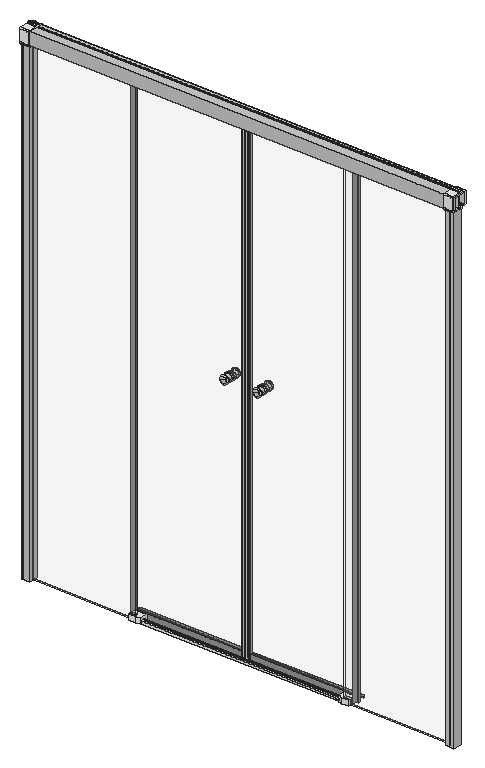
Revit family "Sanitary_Shower-screens_Duscholux_DuschoGravity_Slider-twin-doors-bath", category Plumbing Fixtures, Revit 2016
Family settings
  Part Type = Normal
  Round Connector Dimension = Use Diameter
  OmniClass Number = 23.45.00.00
  OmniClass Title = Sanitary, Laundry, and Cleaning Equipment
  Work Plane-Based = No
  Always vertical = Yes
  Cut with Voids When Loaded = No
  Shared = No
  Room Calculation Point = No
Parameters (values of type "Silver Matt Aluminium Finish")
  Width = 1400 mm
  Uniclass 2015 Description = "Shower Enclosures"
  Uniclass 2015 Code = "PR-40-20-06-79"
  URL = "http://www.duscholux.es/"
  UNSPSC Code = "30181507"
  Thickness Safety Glass Sliding = 5 mm  # constant formula
  Thickness Safety Glass Fixed Panel = 8 mm  # constant formula
  Technical Inspection Certificate (Applus) = "http://www.duscholux.es/resources/custom/var/APPLUS_en.pdf"
  Sliding Door Width = (Min Max Width / 4) + 5.6 mm  # 355.6 mm
  Series = "DuschoGravity"
  Region South America = "Consult"
  Region Oceania = "Consult"
  Region North America = "Consult"
  Region Middle East = "Consult"
  Region Europe = "AD, ES, FR, PT"
  Region Asia = "Consult"
  Region Antartica = "Consult"
  Region Africa = "Consult"
  Ref. = "KAW"
  Products = "http://www.duscholux.es/mamparas_filtro.aspx?es"
  Product group = "Front for bath"
  Product family = "Duscho Gravity"
  Optional = "Towel rail / Shelf"
  Opening System Image = "http://blob.duscholux.es/pluma512/FB2f2pcorredera.gif"
  Opening System = "Sliding"
  Opening Percentage = 0
  Opening Door = ((Min Max Width / 4) - 110 mm) * Opening Percentage / 100  # 0 mm
  Net Weight (Kg) = 44.7
  NBS Reference Description = "Shower Enclosures"
  NBS Reference Code = "45-35-70"
  Model = ""
  Min Max Width = if(Width < 1160 mm, 1160 mm, if(Width > 2000 mm, 2000 mm, Width))  # 1400 mm
  Max Height = if(Height > 1600 mm, 1600 mm, Height)  # 1600 mm
  Manufacturer name = "Duscholux Ibérica, S.A."
  Manufacturer country = "Spain / Germany"
  Maintenance and Cleaning = "http://www.duscholux.es/mamparas_limpieza.aspx?en"
  Image = "http://www.duscholux.es/resources/custom/img/mamparas/DUSCHO%20GRAVITY/modelos/2F2PFBC/mampara_h.jpg"
  IFC Classification = "Furnishing Element"
  Height = 1600 mm
  Handle Material = Chrome_Finish
  Handle Height = (Max Height / 2) + Bath Height  # 1440 mm
  Glass in Building UNE EN 12150 = "CE Conformity marking"
  Glass Material = Glass_Material-Duscholux
  Frame Material = Silver Matt Aluminium Finish
  Fact sheet = "http://blob.duscholux.es/enpdf2018/Gravity2F2PFB.pdf"
  Manufacturer = "Duscholux Ibérica, S.A."
  Environmental Management ISO 14001 = "ECOEMBES Certificate"
  Edition number = "1"
  Design country = "Germany"
  Description = "2 fixed segments + slider twin doors for bath"
  Date of publishing = ""
  Assembly Code = "C1030200"
  Configuration enclosure = "http://configuratumampara.duscholux.es/eCatalogo.aspx"
  Components = "Eropean components"
  Type Comments = ""
  Combinations = "Lateral 90°"
  Certified Quality UNE EN 14428 = "http://www.duscholux.es/duscholux_downloads.aspx?es"
  COBIe Type Category = ""
  Brand = "Duscholux"
  Bath Height = 640 mm
  Anti-Lime Treatment = "FeelNet 3D Included"
  Accesories Material = Chrome_Finish
Types (4, lengths in mm): name | Max Height | Height | Handle Material | Handle Height | Frame Material | Bath Height | Accesories Material
  (no name) | 1600 | 1600 | Chrome_Finish | 1440 | Silver Matt Aluminium Finish | 640 | Chrome_Finish
  Platinum Aluminium Finish | 1600 | 1600 | Chrome_Finish | 1200 | Platinum Aluminium Finish | 400 | Chrome_Finish
  White Aluminium Finish | 1400 | 1400 | White Finish | 1150 | White Finish | 450 | White Aluminium Finish
  Silver Matt Aluminium Finish | 1600 | 1600 | Chrome_Finish | 1440 | Silver Matt Aluminium Finish | 640 | Chrome_Finish
Reference planes
  plane 1 "Centro (Frontal/Posterior)": y = 0
  plane 2: z = 0
  plane 3 "Centro (Izquierda/Derecha)": x = 0
  plane 4: y = 4
  plane 5: y = -4
  plane 6: z = 2199.85
  plane 7: z = 2240
  plane 8: x = 350
  plane 9: x = 9
  plane 10: z = 2225
  plane 11: y = 23.487
  plane 12: z = 1440
  plane 13: x = 364
  plane 14: x = 336
  plane 15: x = 700
  plane 16: x = 1400
  plane 17: x = 1050
  plane 18: x = 1064
  plane 19: x = 1036
  plane 20: y = 23.487
  plane 21: x = 708.4
  plane 22: x = 691.6
  plane 23: x = 489
  plane 24: z = 640
  plane 25: z = 643.2
  plane 26: z = 641.9
Forms (mm)
  Extrusion 1, solid, material "Silver Matt Aluminium Finish" <- "Frame Material"
    sketch origin (0, 0, 0) x (1, 0, 0) y (0, 1, 0)
      loop
        line (0, -10.5) -> (26.5, -10.5) -> (26.5, -4.3) -> (15.85, -4.3) -> (15.85, -9) -> (1.5, -9) -> (1.5, 0) -> (1.5, 13.2) -> (15.85, 13.2) -> (15.85, 4.3) -> (26.5, 4.3) -> (26.5, 14.7) -> (0, 14.7) -> (0, -10.5)
    from 640 to 2199.85
  Extrusion 2, solid, material "Silver Matt Aluminium Finish" <- "Frame Material"
    sketch origin (0, 0, 0) x (0, 1, 0) y (0, 0, 1)
      loop
        arc (33.069, 2237) -> (32.191, 2239.121) -> (30.069, 2240) r 3
        line (30.069, 2240) -> (21.519, 2240) -> (21.519, 2237.261) -> (12.519, 2237.261) -> (12.519, 2240) -> (-16, 2240) -> (-16, 2199.85) -> (-6.5, 2199.85) -> (-6.5, 2234) -> (0, 2234) -> (6.5, 2234) -> (6.5, 2199.85) -> (18.5, 2199.85) -> (18.5, 2203.85) -> (9.5, 2203.85) -> (9.5, 2235.261) -> (23.519, 2235.261) -> (23.519, 2238.011) -> (31.069, 2238.011) -> (31.069, 2201.861) -> (29.669, 2201.861) -> (29.669, 2199.861) -> (33.069, 2199.861) -> (33.069, 2237)
      loop
        line (-13, 2231.05) -> (-13, 2203.879) -> (-9.5, 2203.879) -> (-9.5, 2231.05) -> (-13, 2231.05)
    from 0 to 1400
  Extrusion 3, solid, material "Glass_Material-Duscholux" <- "Glass Material"
    sketch origin (0, 0, 0) x (1, 0, 0) y (0, 1, 0)
      loop
        line (9, 4) -> (9, -4) -> (364, -4) -> (364, 4) -> (9, 4)
    from 641.9 to 2225
  Extrusion 4, solid, material "Chrome_Finish" <- "Accesories Material"
    sketch origin (-44.392, 49.436, 0) x (1, 0, 0) y (0, 1, 0)
      loop
        line (388.392, -57.436) -> (410.392, -57.436) -> (423.392, -53.436) -> (423.392, -18.436) -> (388.392, -18.436) -> (388.392, -57.436)
    from 640 to 658
  Extrusion 5, void
    sketch origin (0, 0, 0) x (1, 0, 0) y (0, 1, 0)
      loop
        line (344, 4) -> (344, -4) -> (364, -4) -> (364, 4) -> (344, 4)
    from 641.9 to 658
  Extrusion 6, void
    sketch origin (0, 0, 0) x (1, 0, 0) y (0, 1, 0)
      loop
        line (344, 27.487) -> (344, 19.487) -> (379, 19.487) -> (379, 27.487) -> (344, 27.487)
    from 641.9 to 658
  Extrusion 7, solid, material "Glass_Material-Duscholux" <- "Glass Material"
    sketch origin (41.512, 0, 0) x (1, 0, 0) y (0, 1, 0)
      loop
        line (650.088, 25.987) -> (294.488, 25.987) -> (294.488, 20.987) -> (650.088, 20.987) -> (650.088, 25.987)
    from 643.2 to 2225
  Extrusion 8, solid, material "Chrome_Finish" <- "Accesories Material"
    sketch origin (0, 0, 0) x (0, 1, 0) y (0, 0, 1)
      loop
        line (12.519, 2245.435) -> (12.519, 2242.011) -> (-15, 2242.011)
        arc (-15, 2242.011) -> (-17.121, 2241.132) -> (-18, 2239.011) r 3
        line (-18, 2239.011) -> (-18, 2200.85)
        arc (-18, 2200.85) -> (-16.86, 2198.466) -> (-14.288, 2197.857) r 3.062
        line (-14.288, 2197.857) -> (-14.288, 2193.858) -> (-10.5, 2193.858) -> (-10.5, 2199.85) -> (-16, 2199.85) -> (-16, 2240) -> (30.069, 2240)
        arc (30.069, 2240) -> (32.191, 2239.121) -> (33.069, 2237) r 3
        line (33.069, 2237) -> (33.069, 2199.85) -> (14.7, 2199.85) -> (14.7, 2193.858) -> (18.488, 2193.858) -> (18.488, 2197.85) -> (32.069, 2197.85)
        arc (32.069, 2197.85) -> (34.191, 2198.729) -> (35.069, 2200.85) r 3
        line (35.069, 2200.85) -> (35.069, 2237.011)
        arc (35.069, 2237.011) -> (33.605, 2240.546) -> (30.069, 2242.011) r 5
        line (30.069, 2242.011) -> (21.49, 2242.011)
        arc (21.49, 2242.011) -> (20.786, 2244.401) -> (18.52, 2245.435) r 3
        line (18.52, 2245.435) -> (12.519, 2245.435)
    from 0 to 28
  Extrusion 9, solid, material "Chrome_Finish" <- "Accesories Material"
    sketch origin (0, -88.4, 450) x (0, 1, 0) y (0, 0, 1)
      loop
        line (86, 190) -> (96, 190) -> (96, 197.55)
        arc (96, 197.55) -> (95.282, 199.282) -> (93.55, 200) r 2.45
        line (93.55, 200) -> (91, 200) -> (88.45, 200)
        arc (88.45, 200) -> (86.718, 199.282) -> (86, 197.55) r 2.45
        line (86, 197.55) -> (86, 190)
    from 379 to 1021
  Extrusion 10, solid, material "Plástico, transparente", detail levels fine
    sketch origin (-2.798, 0, 0) x (1, 0, 0) y (0, 1, 0)
      loop
        line (343.798, 26.237) -> (343.798, 27.487) -> (337.498, 27.487) -> (337.498, 19.487) -> (342.798, 19.487) -> (342.798, 5.757) -> (343.798, 5.757) -> (343.798, 20.757) -> (338.798, 20.757) -> (338.798, 26.237) -> (343.798, 26.237)
    from 641.9 to 2225
  Extrusion 11, solid, not visible
    sketch origin (62.199, -0.034, 0) x (1, 0, 0) y (0, 1, 0)
      loop
        line (752.972, 27.547) -> (749, 27.019)
        arc (749, 27.019) -> (748.57, 26.458) -> (749.132, 26.028) r 0.5
        line (749.132, 26.028) -> (753.6, 26.622) -> (753.6, 23.522) -> (753.6, 20.422) -> (749.132, 21.016)
        arc (749.132, 21.016) -> (748.57, 20.586) -> (749, 20.025) r 0.5
        line (749, 20.025) -> (752.972, 19.497)
        arc (752.972, 19.497) -> (756.439, 17.322) -> (760.531, 17.291) r 7.498
        arc (760.531, 17.291) -> (761.591, 18.007) -> (762, 19.219) r 2
        line (762, 19.219) -> (762, 23.522) -> (762, 27.825)
        arc (762, 27.825) -> (761.591, 29.037) -> (760.531, 29.753) r 2
        arc (760.531, 29.753) -> (756.439, 29.722) -> (752.972, 27.547) r 7.498
    from 0 to 1876.165
  Extrusion 12, solid, material "Silver Matt Aluminium Finish" <- "Frame Material"
    sketch origin (2800, 0, 0) x (-1, 0, 0) y (0, -1, 0)
      loop
        line (1400, 10.5) -> (1400, -14.7) -> (1426.5, -14.7) -> (1426.5, -4.3) -> (1415.85, -4.3) -> (1415.85, -13.2) -> (1401.5, -13.2) -> (1401.5, 0) -> (1401.5, 9) -> (1415.85, 9) -> (1415.85, 4.3) -> (1426.5, 4.3) -> (1426.5, 10.5) -> (1400, 10.5)
    from 640 to 2193.858
  Extrusion 13, solid, material "Chrome_Finish" <- "Accesories Material"
    sketch origin (2000, 0, 0) x (0, 1, 0) y (0, 0, -1)
      loop
        line (12.519, -2245.435) -> (18.52, -2245.435)
        arc (18.52, -2245.435) -> (20.786, -2244.401) -> (21.49, -2242.011) r 3
        line (21.49, -2242.011) -> (30.069, -2242.011)
        arc (30.069, -2242.011) -> (33.605, -2240.546) -> (35.069, -2237.011) r 5
        line (35.069, -2237.011) -> (35.069, -2200.85)
        arc (35.069, -2200.85) -> (34.191, -2198.729) -> (32.069, -2197.85) r 3
        line (32.069, -2197.85) -> (18.488, -2197.85) -> (18.488, -2193.858) -> (14.7, -2193.858) -> (14.7, -2199.85) -> (33.069, -2199.85) -> (33.069, -2237)
        arc (33.069, -2237) -> (32.191, -2239.121) -> (30.069, -2240) r 3
        line (30.069, -2240) -> (-16, -2240) -> (-16, -2199.85) -> (-10.5, -2199.85) -> (-10.5, -2193.858) -> (-14.288, -2193.858) -> (-14.288, -2197.857)
        arc (-14.288, -2197.857) -> (-16.86, -2198.466) -> (-18, -2200.85) r 3.062
        line (-18, -2200.85) -> (-18, -2239.011)
        arc (-18, -2239.011) -> (-17.121, -2241.132) -> (-15, -2242.011) r 3
        line (-15, -2242.011) -> (12.519, -2242.011) -> (12.519, -2245.435)
    from 600 to 628
  Extrusion 14, solid, material "Glass_Material-Duscholux" <- "Glass Material"
    sketch origin (2800, 0, 0) x (-1, 0, 0) y (0, -1, 0)
      loop
        line (1409, -4) -> (1764, -4) -> (1764, 4) -> (1409, 4) -> (1409, -4)
    from 641.9 to 2225
  Extrusion 15, solid, material "Chrome_Finish" <- "Accesories Material"
    sketch origin (2844.392, 49.436, 0) x (-1, 0, 0) y (0, -1, 0)
      loop
        line (1788.392, 57.436) -> (1788.392, 18.436) -> (1823.392, 18.436) -> (1823.392, 53.436) -> (1810.392, 57.436) -> (1788.392, 57.436)
    from 640 to 658
  Extrusion 16, void
    sketch origin (2800, 0, 0) x (-1, 0, 0) y (0, -1, 0)
      loop
        line (1744, -4) -> (1764, -4) -> (1764, 4) -> (1744, 4) -> (1744, -4)
    from 641.9 to 658
  Extrusion 17, void
    sketch origin (2800, 0, 0) x (-1, 0, 0) y (0, -1, 0)
      loop
        line (1744, -27.487) -> (1779, -27.487) -> (1779, -19.487) -> (1744, -19.487) -> (1744, -27.487)
    from 641.9 to 658
  Extrusion 18, solid, material "Plástico, transparente", detail levels fine
    sketch origin (2802.798, 0, 0) x (-1, 0, 0) y (0, -1, 0)
      loop
        line (1743.798, -26.237) -> (1738.798, -26.237) -> (1738.798, -20.757) -> (1743.798, -20.757) -> (1743.798, -5.757) -> (1742.798, -5.757) -> (1742.798, -19.487) -> (1737.498, -19.487) -> (1737.498, -27.487) -> (1743.798, -27.487) -> (1743.798, -26.237)
    from 641.9 to 2225
  Extrusion 19, solid, material "Glass_Material-Duscholux" <- "Glass Material"
    sketch origin (2717.039, 0, 0) x (-1, 0, 0) y (0, -1, 0)
      loop
        line (2008.639, -25.987) -> (2008.639, -20.987) -> (1653.039, -20.987) -> (1653.039, -25.987) -> (2008.639, -25.987)
    from 643.2 to 2225
  Extrusion 20, solid, not visible
    sketch origin (-972.436, 0, 0) x (1, 0, 0) y (0, 1, 0)
      loop
        arc (1881.464, 27.512) -> (1877.997, 29.688) -> (1873.905, 29.719) r 7.498
        arc (1873.905, 29.719) -> (1872.845, 29.002) -> (1872.436, 27.79) r 2
        line (1872.436, 27.79) -> (1872.436, 23.487) -> (1872.436, 19.184)
        arc (1872.436, 19.184) -> (1872.845, 17.972) -> (1873.905, 17.256) r 2
        arc (1873.905, 17.256) -> (1877.997, 17.287) -> (1881.464, 19.462) r 7.498
        line (1881.464, 19.462) -> (1885.436, 19.99)
        arc (1885.436, 19.99) -> (1885.866, 20.552) -> (1885.304, 20.981) r 0.5
        line (1885.304, 20.981) -> (1880.836, 20.388) -> (1880.836, 23.487) -> (1880.836, 26.587) -> (1885.304, 25.993)
        arc (1885.304, 25.993) -> (1885.866, 26.423) -> (1885.436, 26.985) r 0.5
        line (1885.436, 26.985) -> (1881.464, 27.512)
    from 0 to 1985
  Extrusion 21, solid, not visible
    sketch origin (13.1, 0, -200) x (1, 0, 0) y (0, 1, 0)
      loop
        arc (767.428, 27.512) -> (763.961, 29.688) -> (759.869, 29.719) r 7.498
        arc (759.869, 29.719) -> (758.809, 29.002) -> (758.4, 27.79) r 2
        line (758.4, 27.79) -> (758.4, 19.184)
        arc (758.4, 19.184) -> (758.809, 17.972) -> (759.869, 17.256) r 2
        arc (759.869, 17.256) -> (763.961, 17.287) -> (767.428, 19.462) r 7.498
        line (767.428, 19.462) -> (771.4, 19.99)
        arc (771.4, 19.99) -> (771.83, 20.552) -> (771.268, 20.981) r 0.5
        line (771.268, 20.981) -> (766.8, 20.388) -> (766.8, 23.487) -> (766.8, 26.587) -> (771.268, 25.993)
        arc (771.268, 25.993) -> (771.83, 26.423) -> (771.4, 26.985) r 0.5
        line (771.4, 26.985) -> (767.428, 27.512)
    from 0 to 1785
  Extrusion 22, solid, material "Silver Matt Aluminium Finish" <- "Frame Material", not visible
    sketch origin (1965, 0.035, 0) x (-1, 0, 0) y (0, -1, 0)
      loop
        line (1224.028, -27.478) -> (1228, -26.95)
        arc (1228, -26.95) -> (1228.43, -26.388) -> (1227.868, -25.959) r 0.5
        line (1227.868, -25.959) -> (1223.4, -26.552) -> (1223.4, -23.453) -> (1223.4, -20.353) -> (1227.868, -20.947)
        arc (1227.868, -20.947) -> (1228.43, -20.517) -> (1228, -19.956) r 0.5
        line (1228, -19.956) -> (1224.028, -19.428)
        arc (1224.028, -19.428) -> (1220.561, -17.253) -> (1216.469, -17.222) r 7.498
        arc (1216.469, -17.222) -> (1215.409, -17.938) -> (1215, -19.15) r 2
        line (1215, -19.15) -> (1215, -23.452) -> (1215, -27.756)
        arc (1215, -27.756) -> (1215.409, -28.968) -> (1216.469, -29.684) r 2
        arc (1216.469, -29.684) -> (1220.561, -29.653) -> (1224.028, -27.478) r 7.498
    from 0 to 1985
  Extrusion 23, solid, material "Silver Matt Aluminium Finish" <- "Frame Material"
    sketch origin (1500, 0, 0) x (0, 1, 0) y (0, 0, -1)
      loop
        line (33.069, -2237) -> (33.069, -2199.861) -> (29.669, -2199.861) -> (29.669, -2201.861) -> (31.069, -2201.861) -> (31.069, -2238.011) -> (23.519, -2238.011) -> (23.519, -2235.261) -> (9.5, -2235.261) -> (9.5, -2203.85) -> (18.5, -2203.85) -> (18.5, -2199.85) -> (6.5, -2199.85) -> (6.5, -2234) -> (0, -2234) -> (-6.5, -2234) -> (-6.5, -2199.85) -> (-16, -2199.85) -> (-16, -2240) -> (12.519, -2240) -> (12.519, -2237.261) -> (21.519, -2237.261) -> (21.519, -2240) -> (30.069, -2240)
        arc (30.069, -2240) -> (32.191, -2239.121) -> (33.069, -2237) r 3
      loop
        line (-13, -2231.05) -> (-9.5, -2231.05) -> (-9.5, -2203.879) -> (-13, -2203.879) -> (-13, -2231.05)
    from 100 to 1500
  Extrusion 24, solid, not visible
    sketch origin (-21.455, 62.453, 0) x (1, 0, 0) y (0, 1, 0)
      loop
        arc (780.483, -34.94) -> (777.016, -32.765) -> (772.924, -32.734) r 7.498
        arc (772.924, -32.734) -> (771.864, -33.45) -> (771.455, -34.662) r 2
        line (771.455, -34.662) -> (771.455, -38.966) -> (771.455, -43.268)
        arc (771.455, -43.268) -> (771.864, -44.48) -> (772.924, -45.197) r 2
        arc (772.924, -45.197) -> (777.016, -45.166) -> (780.483, -42.99) r 7.498
        line (780.483, -42.99) -> (784.455, -42.463)
        arc (784.455, -42.463) -> (784.885, -41.901) -> (784.323, -41.471) r 0.5
        line (784.323, -41.471) -> (779.855, -42.065) -> (779.855, -38.965) -> (779.855, -35.866) -> (784.323, -36.459)
        arc (784.323, -36.459) -> (784.885, -36.03) -> (784.455, -35.468) r 0.5
        line (784.455, -35.468) -> (780.483, -34.94)
    from 0 to 1785
  Extrusion 25, solid, not visible
    sketch origin (-58.088, 62.453, 0) x (1, 0, 0) y (0, 1, 0)
      loop
        line (749.177, -34.94) -> (745.205, -35.468)
        arc (745.205, -35.468) -> (744.775, -36.03) -> (745.337, -36.459) r 0.5
        line (745.337, -36.459) -> (749.805, -35.866) -> (749.805, -38.965) -> (749.805, -42.065) -> (745.337, -41.471)
        arc (745.337, -41.471) -> (744.775, -41.901) -> (745.205, -42.463) r 0.5
        line (745.205, -42.463) -> (749.177, -42.99)
        arc (749.177, -42.99) -> (752.644, -45.166) -> (756.736, -45.197) r 7.498
        arc (756.736, -45.197) -> (757.796, -44.48) -> (758.205, -43.268) r 2
        line (758.205, -43.268) -> (758.205, -38.966) -> (758.205, -34.662)
        arc (758.205, -34.662) -> (757.796, -33.45) -> (756.736, -32.734) r 2
        arc (756.736, -32.734) -> (752.644, -32.765) -> (749.177, -34.94) r 7.498
    from 0 to 1785
  Extrusion 26, solid, material "Silver Matt Aluminium Finish" <- "Frame Material"
    sketch origin (1548.077, 62.453, 0) x (-1, 0, 0) y (0, -1, 0)
      loop
        arc (839.049, 34.94) -> (842.515, 32.765) -> (846.608, 32.734) r 7.498
        arc (846.608, 32.734) -> (847.668, 33.45) -> (848.077, 34.662) r 2
        line (848.077, 34.662) -> (848.077, 38.966) -> (848.077, 43.268)
        arc (848.077, 43.268) -> (847.668, 44.48) -> (846.608, 45.197) r 2
        arc (846.608, 45.197) -> (842.515, 45.166) -> (839.049, 42.99) r 7.498
        line (839.049, 42.99) -> (835.077, 42.463)
        arc (835.077, 42.463) -> (834.647, 41.901) -> (835.208, 41.471) r 0.5
        line (835.208, 41.471) -> (839.677, 42.065) -> (839.677, 38.965) -> (839.677, 35.866) -> (835.208, 36.459)
        arc (835.208, 36.459) -> (834.647, 36.03) -> (835.077, 35.468) r 0.5
        line (835.077, 35.468) -> (839.049, 34.94)
    from 643.2 to 2225
  Extrusion 27, solid, not visible
    sketch origin (1538.336, 62.453, 0) x (-1, 0, 0) y (0, -1, 0)
      loop
        arc (764.308, 34.94) -> (767.775, 32.765) -> (771.867, 32.734) r 7.498
        arc (771.867, 32.734) -> (772.927, 33.45) -> (773.336, 34.662) r 2
        line (773.336, 34.662) -> (773.336, 38.966) -> (773.336, 43.268)
        arc (773.336, 43.268) -> (772.927, 44.48) -> (771.867, 45.197) r 2
        arc (771.867, 45.197) -> (767.775, 45.166) -> (764.308, 42.99) r 7.498
        line (764.308, 42.99) -> (760.336, 42.463)
        arc (760.336, 42.463) -> (759.906, 41.901) -> (760.468, 41.471) r 0.5
        line (760.468, 41.471) -> (764.936, 42.065) -> (764.936, 38.965) -> (764.936, 35.866) -> (760.468, 36.459)
        arc (760.468, 36.459) -> (759.906, 36.03) -> (760.336, 35.468) r 0.5
        line (760.336, 35.468) -> (764.308, 34.94)
    from 3.238 to 1785
  Extrusion 28, solid, material "Silver Matt Aluminium Finish" <- "Frame Material"
    sketch origin (-28.077, 62.453, 0) x (1, 0, 0) y (0, 1, 0)
      loop
        line (719.049, -34.94) -> (715.077, -35.468)
        arc (715.077, -35.468) -> (714.647, -36.03) -> (715.208, -36.459) r 0.5
        line (715.208, -36.459) -> (719.677, -35.866) -> (719.677, -38.965) -> (719.677, -42.065) -> (715.208, -41.471)
        arc (715.208, -41.471) -> (714.647, -41.901) -> (715.077, -42.463) r 0.5
        line (715.077, -42.463) -> (719.049, -42.99)
        arc (719.049, -42.99) -> (722.515, -45.166) -> (726.608, -45.197) r 7.498
        arc (726.608, -45.197) -> (727.668, -44.48) -> (728.077, -43.268) r 2
        line (728.077, -43.268) -> (728.077, -38.966) -> (728.077, -34.662)
        arc (728.077, -34.662) -> (727.668, -33.45) -> (726.608, -32.734) r 2
        arc (726.608, -32.734) -> (722.515, -32.765) -> (719.049, -34.94) r 7.498
    from 643.2 to 2225
  Extrusion 29, solid, not visible
    sketch origin (-28.077, 62.453, 0) x (1, 0, 0) y (0, 1, 0)
      loop
        line (732.049, -34.94) -> (728.077, -35.468)
        arc (728.077, -35.468) -> (727.647, -36.03) -> (728.208, -36.459) r 0.5
        line (728.208, -36.459) -> (732.677, -35.866) -> (732.677, -38.965) -> (732.677, -42.065) -> (728.208, -41.471)
        arc (728.208, -41.471) -> (727.647, -41.901) -> (728.077, -42.463) r 0.5
        line (728.077, -42.463) -> (732.049, -42.99)
        arc (732.049, -42.99) -> (735.515, -45.166) -> (739.608, -45.197) r 7.498
        arc (739.608, -45.197) -> (740.668, -44.48) -> (741.077, -43.268) r 2
        line (741.077, -43.268) -> (741.077, -38.966) -> (741.077, -34.662)
        arc (741.077, -34.662) -> (740.668, -33.45) -> (739.608, -32.734) r 2
        arc (739.608, -32.734) -> (735.515, -32.765) -> (732.049, -34.94) r 7.498
    from 3.238 to 1785
  Extrusion 30, solid, material "Plástico, transparente", detail levels fine
    sketch origin (0, -119.306, 0) x (0, 1, 0) y (0, 0, 1)
      loop
        line (140.043, 643.2) -> (140.043, 660.1) -> (138.943, 660.1) -> (138.943, 641.9) -> (146.643, 641.9) -> (146.643, 657.219) -> (167.293, 647.078) -> (167.293, 642.513)
        arc (167.293, 642.513) -> (168.043, 642.177) -> (168.793, 642.513) r 1.005
        line (168.793, 642.513) -> (168.793, 648.078) -> (146.025, 659.979)
        arc (146.025, 659.979) -> (145.472, 659.92) -> (145.317, 659.386) r 0.5
        line (145.317, 659.386) -> (145.543, 658.099) -> (145.543, 643.2) -> (140.043, 643.2)
    from 713.609 to 1059
  Extrusion 31, void
    sketch origin (0, 0, 0) x (0, 1, 0) y (0, 0, 1)
      loop
        line (31, 658) -> (27.487, 658) -> (27.487, 657.134) -> (31, 655.421) -> (31, 658)
    from 1021 to 1056
  Extrusion 32, solid, material "Plástico, transparente", detail levels fine
    sketch origin (0, -119.306, 0) x (0, 1, 0) y (0, 0, 1)
      loop
        line (140.043, 643.2) -> (140.043, 660.1) -> (138.943, 660.1) -> (138.943, 641.9) -> (146.643, 641.9) -> (146.643, 657.219) -> (167.293, 647.078) -> (167.293, 642.513)
        arc (167.293, 642.513) -> (168.043, 642.177) -> (168.793, 642.513) r 1.005
        line (168.793, 642.513) -> (168.793, 648.078) -> (146.025, 659.979)
        arc (146.025, 659.979) -> (145.472, 659.92) -> (145.317, 659.386) r 0.5
        line (145.317, 659.386) -> (145.543, 657.76) -> (145.543, 643.2) -> (140.043, 643.2)
    from 341 to 686.414
  Extrusion 33, void
    sketch origin (0, 0, 0) x (0, 1, 0) y (0, 0, 1)
      loop
        line (31, 658) -> (27.487, 658) -> (27.487, 657.146) -> (31, 655.421) -> (31, 658)
    from 344 to 379
Cuts and joins
  Extrusion 5, Extrusion 16 cuts Extrusion 3
  Extrusion 5, Extrusion 6, Extrusion 16, Extrusion 17, Extrusion 33 cuts Extrusion 4
  Extrusion 16, Extrusion 17, Extrusion 31 cuts Extrusion 15
  Extrusion 17 cuts Extrusion 7
Dimensions and locks
  equal spacing: plane 4, plane 1 "Centro (Frontal/Posterior)", plane 5
  "Thickness Safety Glass Fixed Panel": plane 4 to plane 5
  locked: plane 7 to plane 6 at 40.15
  locked: plane 7 to plane 10 at 15
  locked: Extrusion 8 to plane 3 "Centro (Izquierda/Derecha)" at 28
  "Handle Height": plane 12 to level
  locked: plane 8 to plane 13 at 14
  locked: plane 8 to cut or joined group of Extrusion 4, Extrusion 5, Extrusion 6, Extrusion 16, Extrusion 17, Extrusion 33 at 29
  locked: cut or joined group of Extrusion 4, Extrusion 5, Extrusion 6, Extrusion 16, Extrusion 17, Extrusion 33 to plane 8 at 6
  locked: Extrusion 10 to Extrusion 10 at 1.3
  locked: Extrusion 10 to Extrusion 10 at 1
  locked: Extrusion 10 to Extrusion 10 at 6.3
  equal spacing: plane 3 "Centro (Izquierda/Derecha)", plane 8, plane 15, plane 17, plane 16
  locked: Extrusion 18 to Extrusion 18 at 1.3
  locked: Extrusion 18 to Extrusion 18 at 1
  locked: Extrusion 18 to Extrusion 18 at 6.3
  locked: cut or joined group of Extrusion 15, Extrusion 16, Extrusion 17, Extrusion 31 to plane 17 at 29
  locked: plane 17 to cut or joined group of Extrusion 15, Extrusion 16, Extrusion 17, Extrusion 31 at 6
  locked: plane 14 to plane 8 at 14
  locked: plane 17 to plane 18 at 14
  locked: plane 19 to plane 17 at 14
  "Sliding Door Width": Extrusion 19 to Extrusion 19
  "Sliding Door Width": cut or joined group of Extrusion 7, Extrusion 17 to cut or joined group of Extrusion 7, Extrusion 17
  locked: Extrusion 13 to Extrusion 13 at 28
  locked: Extrusion 13 to plane 16 at 28
  locked: plane 15 to plane 21 at 8.4
  locked: plane 22 to plane 15 at 8.4
  "Opening Door": cut or joined group of Extrusion 7, Extrusion 17 to plane 22
  locked: nested 2 to cut or joined group of Extrusion 7, Extrusion 17 at 45
  locked: Extrusion 19 to nested 4 at 45
  "Opening Door": plane 21 to Extrusion 19
  "Thickness Safety Glass Sliding": Extrusion 19 to Extrusion 19
  "Thickness Safety Glass Sliding": cut or joined group of Extrusion 7, Extrusion 17 to cut or joined group of Extrusion 7, Extrusion 17
  "Min Max Width": plane 3 "Centro (Izquierda/Derecha)" to plane 16
  "Bath Height": plane 24 to plane 2
  locked: plane 25 to plane 24 at 3.2
  locked: cut or joined group of Extrusion 15, Extrusion 16, Extrusion 17, Extrusion 31 to plane 24 at 18
  locked: plane 26 to plane 24 at 1.9
  locked: cut or joined group of Extrusion 4, Extrusion 5, Extrusion 6, Extrusion 16, Extrusion 17, Extrusion 33 to plane 24 at 18
  "Max Height": plane 7 to plane 24
  locked: Extrusion 26 to Extrusion 30 at 5.209
  locked: Extrusion 32 to Extrusion 28 at 5.186
  aligned and locked: level to plane 2
  aligned and locked: plane 7 to Extrusion 2
  aligned and locked: Extrusion 2 to plane 6
  aligned and locked: Extrusion 1 to Extrusion 2
  aligned and locked: Extrusion 3 sketch curve to plane 4
  aligned and locked: plane 9 to Extrusion 3 sketch curve
  aligned and locked: plane 5 to Extrusion 3 sketch curve
  aligned and locked: plane 10 to Extrusion 3
  aligned and locked: Extrusion 5 sketch curve to Extrusion 4
  aligned and locked: Extrusion 5 sketch curve to Extrusion 3
  aligned and locked: cut or joined group of Extrusion 4, Extrusion 5, Extrusion 6, Extrusion 16, Extrusion 17, Extrusion 33 to Extrusion 5
  aligned and locked: Extrusion 6 sketch curve to cut or joined group of Extrusion 4, Extrusion 5, Extrusion 6, Extrusion 16, Extrusion 17, Extrusion 33  (x2)
  aligned and locked: Extrusion 6 to cut or joined group of Extrusion 3, Extrusion 5, Extrusion 16
  aligned and locked: Extrusion 9 to cut or joined group of Extrusion 4, Extrusion 5, Extrusion 6, Extrusion 16, Extrusion 17, Extrusion 33
  aligned and locked: nested 1 to plane 12
  aligned and locked: plane 12 to nested 2
  aligned and locked: plane 13 to cut or joined group of Extrusion 3, Extrusion 5, Extrusion 16
  aligned and locked: nested 1 to nested 2
  aligned and locked: Extrusion 10 to Extrusion 10
  aligned and locked: Extrusion 10 to Extrusion 7  (x2)
  aligned and locked: plane 10 to Extrusion 7
  aligned and locked: Extrusion 15 to Extrusion 16 sketch curve
  aligned and locked: Extrusion 18 to Extrusion 18
  aligned and locked: nested 3 to nested 4
  aligned and locked: Extrusion 9 to cut or joined group of Extrusion 15, Extrusion 16, Extrusion 17, Extrusion 31
  aligned and locked: Extrusion 2 to plane 16
  aligned and locked: Extrusion 18 to Extrusion 19  (x2)
  aligned and locked: Extrusion 13 to plane 16
  aligned and locked: plane 10 to Extrusion 14
  aligned and locked: Extrusion 12 to Extrusion 13
  aligned and locked: plane 10 to Extrusion 19
  aligned and locked: plane 12 to nested 3
  aligned and locked: nested 4 to plane 12
  aligned and locked: Extrusion 26 to Extrusion 19  (x3)
  aligned and locked: Extrusion 28 to cut or joined group of Extrusion 7, Extrusion 17
  aligned and locked: cut or joined group of Extrusion 7, Extrusion 17 to Extrusion 28  (x2)
  aligned and locked: Extrusion 23 to plane 16
  aligned and locked: Extrusion 1 to plane 24
  aligned and locked: Extrusion 12 to plane 24
  aligned and locked: Extrusion 19 to plane 25
  aligned and locked: cut or joined group of Extrusion 7, Extrusion 17 to plane 25
  aligned and locked: Extrusion 15 to plane 24
  aligned and locked: Extrusion 17 to cut or joined group of Extrusion 15, Extrusion 16, Extrusion 17, Extrusion 31
  aligned and locked: Extrusion 16 to cut or joined group of Extrusion 15, Extrusion 16, Extrusion 17, Extrusion 31
  aligned and locked: Extrusion 4 to plane 24
  aligned and locked: cut or joined group of Extrusion 3, Extrusion 5, Extrusion 16 to plane 26
  aligned and locked: Extrusion 16 to plane 26
  aligned and locked: Extrusion 17 to Extrusion 16
  aligned and locked: Extrusion 14 to plane 26
  aligned and locked: cut or joined group of Extrusion 3, Extrusion 5, Extrusion 16 to Extrusion 6
  aligned and locked: Extrusion 3 to Extrusion 5
  aligned and locked: Extrusion 9 to plane 24
  aligned and locked: Extrusion 18 to Extrusion 30
  aligned and locked: Extrusion 31 to cut or joined group of Extrusion 15, Extrusion 16, Extrusion 17, Extrusion 31
  aligned and locked: cut or joined group of Extrusion 15, Extrusion 16, Extrusion 17, Extrusion 31 to Extrusion 31
  aligned and locked: Extrusion 32 to plane 26
  aligned and locked: plane 25 to Extrusion 32
  aligned and locked: Extrusion 32 to Extrusion 10
  aligned and locked: Extrusion 10 to Extrusion 32
  aligned and locked: Extrusion 33 to cut or joined group of Extrusion 4, Extrusion 5, Extrusion 6, Extrusion 16, Extrusion 17, Extrusion 33
  aligned and locked: cut or joined group of Extrusion 4, Extrusion 5, Extrusion 6, Extrusion 16, Extrusion 17, Extrusion 33 to Extrusion 33
  aligned and locked: Extrusion 30 to Extrusion 18
  aligned and locked: Extrusion 18 to plane 26
Automatic sketch dimensions
  Extrusion 11 sketch curve to Extrusion 11 sketch curve = 0 mm  (x2)
  Extrusion 11 sketch curve to Extrusion 11 sketch curve = 0.066 mm  (x4)
  Extrusion 11 sketch curve to Extrusion 11 sketch curve = 3.972 mm  (x2)
  Extrusion 11 sketch curve to Extrusion 11 sketch curve = 0.628 mm
  Extrusion 11 sketch curve to Extrusion 11 sketch curve = 4.94 mm
  Extrusion 11 sketch curve to Extrusion 11 sketch curve = 1.46 mm  (x2)
  Extrusion 11 sketch curve to Extrusion 11 sketch curve = 3.46 mm
  Extrusion 11 sketch curve to Extrusion 11 sketch curve = 0.496 mm  (x2)
  Extrusion 11 sketch curve to Extrusion 11 sketch curve = 0.925 mm  (x2)
  Extrusion 11 sketch curve to Extrusion 11 sketch curve = 3.305 mm  (x2)
  Extrusion 11 sketch curve to Extrusion 11 sketch curve = 3.1 mm  (x2)
  Extrusion 11 sketch curve to Extrusion 11 sketch curve = 3.027 mm
  Extrusion 11 sketch curve to Extrusion 11 sketch curve = 0.528 mm
  Extrusion 11 sketch curve to Extrusion 11 sketch curve = 0.997 mm
  Extrusion 11 sketch curve to Extrusion 11 sketch curve = 1.995 mm
  Extrusion 11 sketch curve to Extrusion 11 sketch curve = 1.519 mm
  Extrusion 20 sketch curve to Extrusion 20 sketch curve = 0 mm
  Extrusion 20 sketch curve to Extrusion 20 sketch curve = 4.94 mm
  Extrusion 20 sketch curve to Extrusion 20 sketch curve = 0.628 mm  (x2)
  Extrusion 20 sketch curve to Extrusion 20 sketch curve = 3.841 mm  (x2)
  Extrusion 20 sketch curve to Extrusion 20 sketch curve = 0.066 mm  (x4)
  Extrusion 20 sketch curve to Extrusion 20 sketch curve = 3.305 mm
  Extrusion 20 sketch curve to Extrusion 20 sketch curve = 0.925 mm  (x2)
  Extrusion 20 sketch curve to Extrusion 20 sketch curve = 2 mm  (x2)
  Extrusion 20 sketch curve to Extrusion 20 sketch curve = 3.46 mm
  Extrusion 20 sketch curve to Extrusion 20 sketch curve = 3.027 mm
  Extrusion 20 sketch curve to Extrusion 20 sketch curve = 0.528 mm
  Extrusion 20 sketch curve to Extrusion 20 sketch curve = 0.496 mm  (x2)
  Extrusion 20 sketch curve to Extrusion 20 sketch curve = 0.997 mm
  Extrusion 20 sketch curve to Extrusion 20 sketch curve = 3.1 mm  (x2)
  Extrusion 20 sketch curve to Extrusion 20 sketch curve = 1.995 mm
  Extrusion 20 sketch curve to Extrusion 20 sketch curve = 5.012 mm
  Extrusion 20 sketch curve to Extrusion 20 sketch curve = 4.303 mm
  Extrusion 21 sketch curve to Extrusion 21 sketch curve = 2 mm  (x2)
  Extrusion 21 sketch curve to Extrusion 21 sketch curve = 0 mm
  Extrusion 21 sketch curve to Extrusion 21 sketch curve = 4.94 mm
  Extrusion 21 sketch curve to Extrusion 21 sketch curve = 0.628 mm  (x2)
  Extrusion 21 sketch curve to Extrusion 21 sketch curve = 3.841 mm  (x2)
  Extrusion 21 sketch curve to Extrusion 21 sketch curve = 0.066 mm  (x4)
  Extrusion 21 sketch curve to Extrusion 21 sketch curve = 3.305 mm  (x2)
  Extrusion 21 sketch curve to Extrusion 21 sketch curve = 0.925 mm  (x2)
  Extrusion 21 sketch curve to Extrusion 21 sketch curve = 1.46 mm
  Extrusion 21 sketch curve to Extrusion 21 sketch curve = 3.027 mm
  Extrusion 21 sketch curve to Extrusion 21 sketch curve = 0.528 mm
  Extrusion 21 sketch curve to Extrusion 21 sketch curve = 0.496 mm  (x2)
  Extrusion 21 sketch curve to Extrusion 21 sketch curve = 3.1 mm  (x2)
  Extrusion 21 sketch curve to Extrusion 21 sketch curve = 1.995 mm
  Extrusion 21 sketch curve to Extrusion 21 sketch curve = 5.012 mm
  Extrusion 22 sketch curve to Extrusion 22 sketch curve = 0 mm  (x2)
  Extrusion 22 sketch curve to Extrusion 22 sketch curve = 0.066 mm  (x4)
  Extrusion 22 sketch curve to Extrusion 22 sketch curve = 3.972 mm  (x2)
  Extrusion 22 sketch curve to Extrusion 22 sketch curve = 0.628 mm
  Extrusion 22 sketch curve to Extrusion 22 sketch curve = 0.278 mm
  Extrusion 22 sketch curve to Extrusion 22 sketch curve = 0.528 mm
  Extrusion 22 sketch curve to Extrusion 22 sketch curve = 0.925 mm  (x2)
  Extrusion 22 sketch curve to Extrusion 22 sketch curve = 0.496 mm  (x2)
  Extrusion 22 sketch curve to Extrusion 22 sketch curve = 3.305 mm  (x2)
  Extrusion 22 sketch curve to Extrusion 22 sketch curve = 0.997 mm
  Extrusion 22 sketch curve to Extrusion 22 sketch curve = 3.1 mm  (x2)
  Extrusion 22 sketch curve to Extrusion 22 sketch curve = 1.995 mm
  Extrusion 22 sketch curve to Extrusion 22 sketch curve = 5.012 mm
  Extrusion 22 sketch curve to Extrusion 22 sketch curve = 4.94 mm
  Extrusion 22 sketch curve to Extrusion 22 sketch curve = 1.46 mm  (x2)
  Extrusion 22 sketch curve to Extrusion 22 sketch curve = 3.46 mm
  Extrusion 24 sketch curve to Extrusion 24 sketch curve = 2 mm  (x2)
  Extrusion 24 sketch curve to Extrusion 24 sketch curve = 3.46 mm
  Extrusion 24 sketch curve to Extrusion 24 sketch curve = 0 mm  (x3)
  Extrusion 24 sketch curve to Extrusion 24 sketch curve = 3.305 mm  (x2)
  Extrusion 24 sketch curve to Extrusion 24 sketch curve = 0.997 mm
  Extrusion 24 sketch curve to Extrusion 24 sketch curve = 1.995 mm
  Extrusion 24 sketch curve to Extrusion 24 sketch curve = 5.567 mm  (x2)
  Extrusion 24 sketch curve to Extrusion 24 sketch curve = 0.628 mm
  Extrusion 24 sketch curve to Extrusion 24 sketch curve = 4.025 mm
  Extrusion 24 sketch curve to Extrusion 24 sketch curve = 0.925 mm  (x2)
  Extrusion 24 sketch curve to Extrusion 24 sketch curve = 3.841 mm  (x2)
  Extrusion 24 sketch curve to Extrusion 24 sketch curve = 1.519 mm
  Extrusion 24 sketch curve to Extrusion 24 sketch curve = 0.132 mm
  Extrusion 24 sketch curve to Extrusion 24 sketch curve = 0.991 mm
  Extrusion 24 sketch curve to Extrusion 24 sketch curve = 0.066 mm  (x3)
  Extrusion 24 sketch curve to Extrusion 24 sketch curve = 1.023 mm
  Extrusion 24 sketch curve to Extrusion 24 sketch curve = 0.496 mm
  Extrusion 25 sketch curve to Extrusion 25 sketch curve = 2 mm  (x2)
  Extrusion 25 sketch curve to Extrusion 25 sketch curve = 3.46 mm
  Extrusion 25 sketch curve to Extrusion 25 sketch curve = 0 mm  (x3)
  Extrusion 25 sketch curve to Extrusion 25 sketch curve = 3.305 mm  (x2)
  Extrusion 25 sketch curve to Extrusion 25 sketch curve = 0.997 mm
  Extrusion 25 sketch curve to Extrusion 25 sketch curve = 1.995 mm
  Extrusion 25 sketch curve to Extrusion 25 sketch curve = 5.567 mm  (x2)
  Extrusion 25 sketch curve to Extrusion 25 sketch curve = 0.628 mm
  Extrusion 25 sketch curve to Extrusion 25 sketch curve = 4.025 mm
  Extrusion 25 sketch curve to Extrusion 25 sketch curve = 0.925 mm  (x2)
  Extrusion 25 sketch curve to Extrusion 25 sketch curve = 3.841 mm  (x2)
  Extrusion 25 sketch curve to Extrusion 25 sketch curve = 1.519 mm
  Extrusion 25 sketch curve to Extrusion 25 sketch curve = 0.132 mm
  Extrusion 25 sketch curve to Extrusion 25 sketch curve = 0.991 mm
  Extrusion 25 sketch curve to Extrusion 25 sketch curve = 0.066 mm  (x3)
  Extrusion 25 sketch curve to Extrusion 25 sketch curve = 1.023 mm
  Extrusion 25 sketch curve to Extrusion 25 sketch curve = 0.496 mm
  Extrusion 27 sketch curve to Extrusion 27 sketch curve = 3.841 mm  (x2)
  Extrusion 27 sketch curve to Extrusion 27 sketch curve = 0.066 mm  (x4)
  Extrusion 27 sketch curve to Extrusion 27 sketch curve = 0 mm
  Extrusion 27 sketch curve to Extrusion 27 sketch curve = 2 mm  (x2)
  Extrusion 27 sketch curve to Extrusion 27 sketch curve = 0.496 mm  (x2)
  Extrusion 27 sketch curve to Extrusion 27 sketch curve = 0.925 mm  (x2)
  Extrusion 27 sketch curve to Extrusion 27 sketch curve = 3.305 mm
  Extrusion 27 sketch curve to Extrusion 27 sketch curve = 3.1 mm  (x2)
  Extrusion 27 sketch curve to Extrusion 27 sketch curve = 0.132 mm
  Extrusion 27 sketch curve to Extrusion 27 sketch curve = 0.628 mm
  Extrusion 27 sketch curve to Extrusion 27 sketch curve = 4.94 mm
  Extrusion 27 sketch curve to Extrusion 27 sketch curve = 1.46 mm
  Extrusion 27 sketch curve to Extrusion 27 sketch curve = 3.027 mm
  Extrusion 27 sketch curve to Extrusion 27 sketch curve = 0.528 mm
  Extrusion 27 sketch curve to Extrusion 27 sketch curve = 0.997 mm
  Extrusion 27 sketch curve to Extrusion 27 sketch curve = 1.995 mm
  Extrusion 27 sketch curve to Extrusion 27 sketch curve = 1.519 mm
  Extrusion 27 sketch curve to Extrusion 27 sketch curve = 4.303 mm
  Extrusion 1 sketch curve to plane 3 "Centro (Izquierda/Derecha)" = 0 mm
  plane 1 "Centro (Frontal/Posterior)" to Extrusion 1 sketch curve = 0 mm
  Extrusion 1 sketch curve to plane 3 "Centro (Izquierda/Derecha)" = 1.5 mm
  Extrusion 1 sketch curve to plane 9 = 6.85 mm  (x2)
  Extrusion 1 sketch curve to Extrusion 1 sketch curve = 10.65 mm
  plane 5 to Extrusion 1 sketch curve = 0.3 mm
  Extrusion 1 sketch curve to Extrusion 1 sketch curve = 0 mm
  Extrusion 1 sketch curve to plane 4 = 0.3 mm
  Extrusion 1 sketch curve to Extrusion 1 sketch curve = 8.9 mm
  Extrusion 1 sketch curve to Extrusion 1 sketch curve = 1.5 mm  (x2)
  plane 5 to Extrusion 1 sketch curve = 5 mm
  Extrusion 2 sketch curve to plane 6 = 0 mm  (x2)
  Extrusion 2 sketch curve to plane 7 = 0 mm  (x2)
  Extrusion 2 sketch curve to plane 1 "Centro (Frontal/Posterior)" = 0 mm
  Extrusion 2 sketch curve to plane 5 = 2.5 mm
  Extrusion 2 sketch curve to Extrusion 2 sketch curve = 3 mm  (x3)
  Extrusion 2 sketch curve to Extrusion 2 sketch curve = 3.5 mm
  plane 4 to Extrusion 2 sketch curve = 2.5 mm
  Extrusion 2 sketch curve to Extrusion 2 sketch curve = 3.019 mm
  plane 11 to Extrusion 2 sketch curve = 4.987 mm
  plane 11 to Extrusion 2 sketch curve = 1.968 mm
  Extrusion 2 sketch curve to plane 11 = 0.032 mm
  plane 6 to Extrusion 2 sketch curve = 0.011 mm
  Extrusion 2 sketch curve to plane 11 = 6.182 mm
  Extrusion 2 sketch curve to plane 11 = 6.582 mm
  Extrusion 2 sketch curve to Extrusion 2 sketch curve = 1.4 mm
  Extrusion 2 sketch curve to Extrusion 2 sketch curve = 2 mm  (x2)
  plane 6 to Extrusion 2 sketch curve = 4 mm
  plane 6 to Extrusion 2 sketch curve = 4.029 mm
  plane 10 to Extrusion 2 sketch curve = 6.05 mm
  Extrusion 2 sketch curve to plane 7 = 6 mm
  Extrusion 2 sketch curve to plane 7 = 4.739 mm
  Extrusion 2 sketch curve to Extrusion 2 sketch curve = 2.739 mm
  Extrusion 2 sketch curve to plane 7 = 1.989 mm
  Extrusion 3 sketch curve to plane 13 = 0 mm
  Extrusion 4 sketch curve to plane 5 = 0 mm
  Extrusion 4 sketch curve to plane 8 = 6 mm
  plane 13 to Extrusion 4 sketch curve = 2 mm
  plane 13 to Extrusion 4 sketch curve = 15 mm
  Extrusion 4 sketch curve to plane 5 = 4 mm
  Extrusion 4 sketch curve to plane 11 = 7.513 mm
  Extrusion 5 sketch curve to plane 5 = 0 mm
  Extrusion 5 sketch curve to plane 4 = 0 mm
  plane 11 to Extrusion 6 sketch curve = 4 mm
  Extrusion 6 sketch curve to plane 11 = 4 mm
  Extrusion 7 sketch curve to plane 11 = 2.5 mm
  Extrusion 7 sketch curve to plane 14 = 0 mm
  plane 11 to Extrusion 7 sketch curve = 2.5 mm
  Extrusion 7 sketch curve to plane 22 = 0 mm
  Extrusion 8 sketch curve to plane 6 = 0 mm  (x2)
  Extrusion 8 sketch curve to plane 7 = 0 mm
  Extrusion 8 sketch curve to plane 7 = 0.989 mm
  Extrusion 8 sketch curve to plane 5 = 14 mm
  Extrusion 8 sketch curve to Extrusion 8 sketch curve = 2 mm
  plane 7 to Extrusion 8 sketch curve = 2.011 mm  (x2)
  Extrusion 8 sketch curve to Extrusion 8 sketch curve = 1.062 mm
  Extrusion 8 sketch curve to Extrusion 8 sketch curve = 1.712 mm
  Extrusion 8 sketch curve to Extrusion 8 sketch curve = 3.788 mm  (x2)
  plane 4 to Extrusion 8 sketch curve = 8.519 mm
  plane 11 to Extrusion 8 sketch curve = 8.787 mm
  plane 11 to Extrusion 8 sketch curve = 4.967 mm
  plane 11 to Extrusion 8 sketch curve = 1.998 mm
  Extrusion 8 sketch curve to plane 11 = 6.582 mm
  Extrusion 8 sketch curve to Extrusion 8 sketch curve = 0 mm
  Extrusion 8 sketch curve to plane 6 = 2 mm
  Extrusion 8 sketch curve to plane 11 = 8.582 mm
  Extrusion 8 sketch curve to Extrusion 8 sketch curve = 1 mm
  plane 6 to Extrusion 8 sketch curve = 1 mm
  Extrusion 8 sketch curve to plane 6 = 5.992 mm
  Extrusion 8 sketch curve to Extrusion 8 sketch curve = 3.992 mm
  Extrusion 8 sketch curve to plane 6 = 1.993 mm
  plane 7 to Extrusion 8 sketch curve = 2.435 mm
  level to Extrusion 9 sketch curve = 640 mm
  plane 5 to Extrusion 9 sketch curve = 1.6 mm
  Extrusion 9 sketch curve to plane 1 "Centro (Frontal/Posterior)" = 0.05 mm
  Extrusion 9 sketch curve to plane 4 = 1.4 mm
  plane 4 to Extrusion 9 sketch curve = 1.15 mm
  plane 4 to Extrusion 9 sketch curve = 3.6 mm
  Extrusion 9 sketch curve to Extrusion 9 sketch curve = 7.55 mm
  plane 11 to Extrusion 10 sketch curve = 4 mm
  Extrusion 10 sketch curve to plane 14 = 1.3 mm
  Extrusion 10 sketch curve to Extrusion 10 sketch curve = 1.3 mm
  plane 4 to Extrusion 10 sketch curve = 1.757 mm
  Extrusion 10 sketch curve to Extrusion 10 sketch curve = 5.3 mm
  Extrusion 10 sketch curve to Extrusion 10 sketch curve = 5 mm
  Extrusion 10 sketch curve to Extrusion 10 sketch curve = 1 mm
  Extrusion 10 sketch curve to Extrusion 10 sketch curve = 1.27 mm
  Extrusion 10 sketch curve to plane 11 = 2.75 mm
  Extrusion 10 sketch curve to Extrusion 10 sketch curve = 1.25 mm
  Extrusion 12 sketch curve to plane 16 = 0 mm
  plane 1 "Centro (Frontal/Posterior)" to Extrusion 12 sketch curve = 0 mm
  plane 16 to Extrusion 12 sketch curve = 1.5 mm
  Extrusion 12 sketch curve to plane 5 = 5 mm
  Extrusion 12 sketch curve to Extrusion 12 sketch curve = 14.35 mm  (x2)
  Extrusion 12 sketch curve to Extrusion 12 sketch curve = 10.65 mm
  Extrusion 12 sketch curve to plane 5 = 0.3 mm
  Extrusion 12 sketch curve to Extrusion 12 sketch curve = 0 mm
  plane 4 to Extrusion 12 sketch curve = 0.3 mm
  Extrusion 12 sketch curve to Extrusion 12 sketch curve = 8.9 mm
  Extrusion 12 sketch curve to Extrusion 12 sketch curve = 1.5 mm  (x2)
  Extrusion 13 sketch curve to plane 6 = 0 mm  (x2)
  Extrusion 13 sketch curve to plane 7 = 0 mm
  Extrusion 13 sketch curve to plane 7 = 0.989 mm
  Extrusion 13 sketch curve to plane 5 = 14 mm
  Extrusion 13 sketch curve to Extrusion 13 sketch curve = 2 mm
  plane 7 to Extrusion 13 sketch curve = 2.011 mm  (x2)
  Extrusion 13 sketch curve to Extrusion 13 sketch curve = 1.062 mm
  Extrusion 13 sketch curve to Extrusion 13 sketch curve = 1.712 mm
  Extrusion 13 sketch curve to Extrusion 13 sketch curve = 3.788 mm  (x2)
  plane 4 to Extrusion 13 sketch curve = 8.519 mm
  plane 11 to Extrusion 13 sketch curve = 8.787 mm
  plane 11 to Extrusion 13 sketch curve = 4.967 mm
  plane 11 to Extrusion 13 sketch curve = 1.998 mm
  Extrusion 13 sketch curve to plane 11 = 6.582 mm
  Extrusion 13 sketch curve to Extrusion 13 sketch curve = 0 mm
  Extrusion 13 sketch curve to plane 6 = 2 mm
  Extrusion 13 sketch curve to plane 11 = 8.582 mm
  Extrusion 13 sketch curve to Extrusion 13 sketch curve = 1 mm
  plane 6 to Extrusion 13 sketch curve = 1 mm  (x2)
  plane 7 to Extrusion 13 sketch curve = 2.435 mm
  Extrusion 13 sketch curve to Extrusion 13 sketch curve = 3.992 mm
  Extrusion 13 sketch curve to Extrusion 13 sketch curve = 3.999 mm
  plane 5 to Extrusion 14 sketch curve = 0 mm
  plane 4 to Extrusion 14 sketch curve = 0 mm
  Extrusion 14 sketch curve to plane 19 = 0 mm
  Extrusion 14 sketch curve to plane 16 = 9 mm
  plane 5 to Extrusion 15 sketch curve = 0 mm
  plane 17 to Extrusion 15 sketch curve = 6 mm
  Extrusion 15 sketch curve to plane 19 = 2 mm
  Extrusion 15 sketch curve to plane 19 = 15 mm
  plane 5 to Extrusion 15 sketch curve = 4 mm
  plane 11 to Extrusion 15 sketch curve = 7.513 mm
  plane 5 to Extrusion 16 sketch curve = 0 mm
  Extrusion 16 sketch curve to plane 19 = 0 mm
  plane 4 to Extrusion 16 sketch curve = 0 mm
  plane 17 to Extrusion 17 sketch curve = 6 mm
  Extrusion 17 sketch curve to plane 11 = 4 mm
  Extrusion 17 sketch curve to plane 19 = 15 mm
  plane 11 to Extrusion 17 sketch curve = 4 mm
  Extrusion 18 sketch curve to plane 11 = 4 mm
  plane 18 to Extrusion 18 sketch curve = 1.3 mm
  Extrusion 18 sketch curve to Extrusion 18 sketch curve = 1.3 mm
  Extrusion 18 sketch curve to plane 4 = 1.757 mm
  Extrusion 18 sketch curve to Extrusion 18 sketch curve = 5.3 mm
  Extrusion 18 sketch curve to Extrusion 18 sketch curve = 5 mm
  Extrusion 18 sketch curve to Extrusion 18 sketch curve = 1 mm
  Extrusion 18 sketch curve to Extrusion 18 sketch curve = 1.27 mm
  plane 11 to Extrusion 18 sketch curve = 2.75 mm
  Extrusion 18 sketch curve to Extrusion 18 sketch curve = 1.25 mm
  plane 11 to Extrusion 19 sketch curve = 2.5 mm
  plane 18 to Extrusion 19 sketch curve = 0 mm
  Extrusion 19 sketch curve to plane 11 = 2.5 mm
  Extrusion 19 sketch curve to plane 21 = 0 mm
  Extrusion 23 sketch curve to plane 6 = 0 mm  (x2)
  Extrusion 23 sketch curve to plane 7 = 0 mm  (x2)
  Extrusion 23 sketch curve to plane 1 "Centro (Frontal/Posterior)" = 0 mm
  Extrusion 23 sketch curve to plane 5 = 2.5 mm
  Extrusion 23 sketch curve to Extrusion 23 sketch curve = 3 mm  (x3)
  Extrusion 23 sketch curve to Extrusion 23 sketch curve = 3.5 mm
  plane 4 to Extrusion 23 sketch curve = 2.5 mm
  Extrusion 23 sketch curve to Extrusion 23 sketch curve = 3.019 mm
  plane 11 to Extrusion 23 sketch curve = 4.987 mm
  plane 11 to Extrusion 23 sketch curve = 1.968 mm
  Extrusion 23 sketch curve to plane 11 = 0.032 mm
  plane 6 to Extrusion 23 sketch curve = 0.011 mm
  Extrusion 23 sketch curve to plane 11 = 6.182 mm
  Extrusion 23 sketch curve to plane 11 = 6.582 mm
  Extrusion 23 sketch curve to Extrusion 23 sketch curve = 1.4 mm
  Extrusion 23 sketch curve to Extrusion 23 sketch curve = 2 mm  (x3)
  Extrusion 23 sketch curve to Extrusion 23 sketch curve = 1.011 mm
  Extrusion 23 sketch curve to Extrusion 23 sketch curve = 2.739 mm
  Extrusion 23 sketch curve to plane 7 = 6 mm
  Extrusion 23 sketch curve to Extrusion 23 sketch curve = 2.95 mm
  plane 6 to Extrusion 23 sketch curve = 4.029 mm
  plane 6 to Extrusion 23 sketch curve = 4 mm
  plane 11 to Extrusion 26 sketch curve = 0 mm  (x2)
  Extrusion 26 sketch curve to plane 11 = 3.497 mm
  Extrusion 26 sketch curve to plane 21 = 4.6 mm
  plane 11 to Extrusion 26 sketch curve = 3.498 mm
  Extrusion 26 sketch curve to Extrusion 26 sketch curve = 0 mm  (x2)
  Extrusion 26 sketch curve to Extrusion 26 sketch curve = 0.066 mm  (x4)
  plane 11 to Extrusion 26 sketch curve = 2.506 mm
  Extrusion 26 sketch curve to plane 11 = 2.506 mm
  Extrusion 26 sketch curve to plane 11 = 4.025 mm
  Extrusion 26 sketch curve to Extrusion 26 sketch curve = 3.972 mm  (x2)
  plane 11 to Extrusion 26 sketch curve = 4.025 mm
  plane 11 to Extrusion 26 sketch curve = 3.1 mm
  Extrusion 26 sketch curve to Extrusion 26 sketch curve = 0.628 mm
  plane 11 to Extrusion 26 sketch curve = 0.998 mm
  Extrusion 26 sketch curve to Extrusion 26 sketch curve = 4.94 mm
  Extrusion 26 sketch curve to plane 11 = 0.997 mm
  Extrusion 26 sketch curve to Extrusion 26 sketch curve = 1.46 mm  (x2)
  Extrusion 26 sketch curve to Extrusion 26 sketch curve = 2 mm
  Extrusion 26 sketch curve to Extrusion 26 sketch curve = 3.305 mm
  Extrusion 26 sketch curve to Extrusion 26 sketch curve = 0.925 mm
  Extrusion 26 sketch curve to Extrusion 26 sketch curve = 4.303 mm
  Extrusion 28 sketch curve to Extrusion 28 sketch curve = 0 mm  (x2)
  Extrusion 28 sketch curve to Extrusion 28 sketch curve = 0.066 mm  (x4)
  Extrusion 28 sketch curve to Extrusion 28 sketch curve = 3.972 mm  (x2)
  Extrusion 28 sketch curve to Extrusion 28 sketch curve = 0.628 mm
  Extrusion 28 sketch curve to Extrusion 28 sketch curve = 4.94 mm
  Extrusion 28 sketch curve to Extrusion 28 sketch curve = 1.46 mm  (x2)
  Extrusion 28 sketch curve to Extrusion 28 sketch curve = 2 mm
  Extrusion 28 sketch curve to Extrusion 28 sketch curve = 3.305 mm
  Extrusion 28 sketch curve to Extrusion 28 sketch curve = 0.925 mm  (x2)
  Extrusion 28 sketch curve to Extrusion 28 sketch curve = 3.027 mm
  Extrusion 28 sketch curve to Extrusion 28 sketch curve = 0.528 mm
  Extrusion 28 sketch curve to Extrusion 28 sketch curve = 0.496 mm  (x2)
  Extrusion 28 sketch curve to Extrusion 28 sketch curve = 0.997 mm
  Extrusion 28 sketch curve to Extrusion 28 sketch curve = 3.1 mm  (x2)
  Extrusion 28 sketch curve to Extrusion 28 sketch curve = 1.995 mm
  Extrusion 28 sketch curve to Extrusion 28 sketch curve = 5.012 mm
  Extrusion 28 sketch curve to Extrusion 28 sketch curve = 4.303 mm
  Extrusion 29 sketch curve to Extrusion 29 sketch curve = 0 mm  (x2)
  Extrusion 29 sketch curve to Extrusion 29 sketch curve = 0.066 mm  (x4)
  Extrusion 29 sketch curve to Extrusion 29 sketch curve = 3.972 mm  (x2)
  Extrusion 29 sketch curve to Extrusion 29 sketch curve = 0.628 mm
  Extrusion 29 sketch curve to Extrusion 29 sketch curve = 4.94 mm
  Extrusion 29 sketch curve to Extrusion 29 sketch curve = 1.46 mm  (x2)
  Extrusion 29 sketch curve to Extrusion 29 sketch curve = 2 mm
  Extrusion 29 sketch curve to Extrusion 29 sketch curve = 3.305 mm
  Extrusion 29 sketch curve to Extrusion 29 sketch curve = 0.925 mm  (x2)
  Extrusion 29 sketch curve to Extrusion 29 sketch curve = 3.027 mm
  Extrusion 29 sketch curve to Extrusion 29 sketch curve = 0.528 mm
  Extrusion 29 sketch curve to Extrusion 29 sketch curve = 0.496 mm  (x2)
  Extrusion 29 sketch curve to Extrusion 29 sketch curve = 0.997 mm
  Extrusion 29 sketch curve to Extrusion 29 sketch curve = 3.1 mm  (x2)
  Extrusion 29 sketch curve to Extrusion 29 sketch curve = 1.995 mm
  Extrusion 29 sketch curve to Extrusion 29 sketch curve = 5.012 mm
  Extrusion 29 sketch curve to Extrusion 29 sketch curve = 4.303 mm
  plane 11 to Extrusion 28 sketch curve = 0 mm
  Extrusion 28 sketch curve to plane 22 = 4.6 mm
  plane 25 to Extrusion 30 sketch curve = 16.9 mm
  plane 11 to Extrusion 30 sketch curve = 3.85 mm
  Extrusion 30 sketch curve to Extrusion 30 sketch curve = 1.1 mm  (x2)
  Extrusion 30 sketch curve to Extrusion 30 sketch curve = 5.5 mm
  Extrusion 30 sketch curve to Extrusion 30 sketch curve = 0.25 mm
  Extrusion 30 sketch curve to Extrusion 30 sketch curve = 0.232 mm
  plane 25 to Extrusion 30 sketch curve = 3.878 mm
  Extrusion 30 sketch curve to Extrusion 30 sketch curve = 20.65 mm
  Extrusion 30 sketch curve to plane 25 = 0.019 mm
  Extrusion 30 sketch curve to Extrusion 30 sketch curve = 0.75 mm  (x2)
  plane 26 to Extrusion 30 sketch curve = 0.613 mm
  Extrusion 30 sketch curve to Extrusion 30 sketch curve = 2.76 mm
  Extrusion 30 sketch curve to Extrusion 30 sketch curve = 0.443 mm
  plane 25 to Extrusion 30 sketch curve = 16.186 mm
  Extrusion 30 sketch curve to Extrusion 30 sketch curve = 0.477 mm
  plane 25 to Extrusion 30 sketch curve = 14.899 mm
  plane 25 to Extrusion 30 sketch curve = 4.878 mm
  Extrusion 30 sketch curve to Extrusion 30 sketch curve = 1.3 mm
  Extrusion 30 sketch curve to plane 25 = 0 mm
  Extrusion 31 sketch curve to plane 11 = 7.513 mm
  plane 25 to Extrusion 31 sketch curve = 12.221 mm
  Extrusion 31 sketch curve to Extrusion 31 sketch curve = 2.579 mm
  Extrusion 31 sketch curve to Extrusion 31 sketch curve = 3.513 mm
  Extrusion 31 sketch curve to Extrusion 31 sketch curve = 0.866 mm
  Extrusion 32 sketch curve to plane 26 = 0 mm
  Extrusion 32 sketch curve to plane 25 = 0 mm
  plane 11 to Extrusion 32 sketch curve = 3.85 mm
  Extrusion 32 sketch curve to Extrusion 32 sketch curve = 1.1 mm  (x2)
  Extrusion 32 sketch curve to Extrusion 32 sketch curve = 5.5 mm
  Extrusion 32 sketch curve to Extrusion 32 sketch curve = 0.25 mm
  Extrusion 32 sketch curve to Extrusion 32 sketch curve = 0.232 mm
  plane 26 to Extrusion 32 sketch curve = 0.613 mm  (x2)
  Extrusion 32 sketch curve to Extrusion 32 sketch curve = 20.65 mm
  Extrusion 32 sketch curve to plane 25 = 0.019 mm
  Extrusion 32 sketch curve to Extrusion 32 sketch curve = 0.75 mm
  plane 25 to Extrusion 32 sketch curve = 3.878 mm
  Extrusion 32 sketch curve to Extrusion 32 sketch curve = 2.76 mm
  Extrusion 32 sketch curve to Extrusion 32 sketch curve = 0.443 mm
  Extrusion 32 sketch curve to Extrusion 32 sketch curve = 0.564 mm
  Extrusion 32 sketch curve to Extrusion 32 sketch curve = 0.477 mm
  plane 25 to Extrusion 32 sketch curve = 14.56 mm
  plane 25 to Extrusion 32 sketch curve = 4.878 mm
  Extrusion 32 sketch curve to Extrusion 32 sketch curve = 1.626 mm
  Extrusion 33 sketch curve to plane 11 = 7.513 mm
  plane 25 to Extrusion 33 sketch curve = 12.221 mm
  Extrusion 33 sketch curve to Extrusion 33 sketch curve = 2.579 mm
  Extrusion 33 sketch curve to Extrusion 33 sketch curve = 3.513 mm
  Extrusion 33 sketch curve to Extrusion 33 sketch curve = 0.854 mm
Nested families
  nested 1: "Handle-Gravity" at (646.6, 20.987, 1440) x (1, 0, 0) z (0, -1, 0), type "Handle-Gravity", detail levels medium+fine
  nested 2: "Handle-Gravity" at (646.6, 25.987, 1440) x (1, 0, 0) z (0, 1, 0), type "Handle-Gravity", detail levels medium+fine
  nested 3: "Handle-Gravity" at (753.4, 20.987, 1440) x (-1, 0, 0) z (0, -1, 0), type "Handle-Gravity", detail levels medium+fine
  nested 4: "Handle-Gravity" at (753.4, 25.987, 1440) x (-1, 0, 0) z (0, 1, 0), type "Handle-Gravity", detail levels medium+fine
Definition of nested family "Handle-Gravity"
  Parameters (values of type "Tirador311489")
    Handle Material = none
    Default Elevation = 1219.2 mm
  Reference planes
    plane 1 "Centro (Frontal/Posterior)": y = 0
    plane 2: z = 0
    plane 3 "Centro (Izquierda/Derecha)": x = 0
  Forms (mm)
    Extrusion 1, solid
      sketch origin (0, 0, 0) x (1, 0, 0) y (0, 1, 0)
        loop
          line (-1219.2, 1219.2) -> (-1219.2, -1219.2) -> (1219.2, -1219.2) -> (1219.2, 1219.2) -> (-1219.2, 1219.2)
      from 0 to -304.8
    Revolve 2, solid
      sketch origin (-255.555, 0, -108.84) x (1, 0, 0) y (0, 0, 1)
        loop
          arc (255.555, 132.84) -> (249.874, 132.609) -> (244.231, 131.918) r 70
          arc (244.231, 131.918) -> (243.027, 131.235) -> (242.555, 129.934) r 2
          line (242.555, 129.934) -> (242.555, 127.939) -> (244.555, 127.403) -> (244.555, 113.44) -> (242.555, 112.904) -> (242.555, 108.84) -> (255.555, 108.84) -> (255.555, 132.84)
        axis (255.555, 132.84) -> (255.555, 108.84)
      angle from 0 to 360
  Dimensions and locks
    aligned and locked: plane 2 to Extrusion 1
    aligned and locked: level to Extrusion 1
